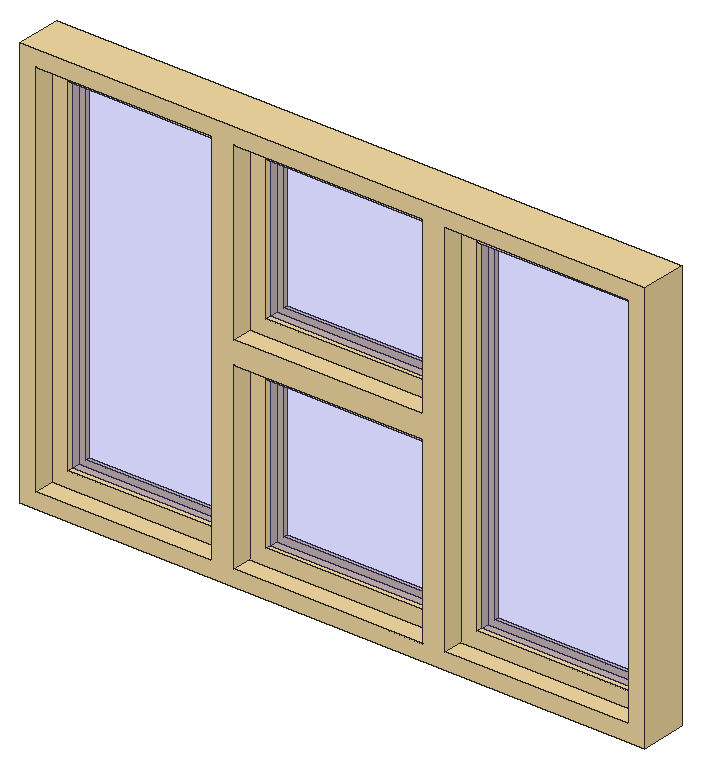
Revit family "5665V-COto 62", category Windows, host Wall, Revit 2016
Family settings
  Host = Wall
  OmniClass Number = 23.30.20.00
  OmniClass Title = Windows
  Always vertical = Yes
  Cut with Voids When Loaded = No
  Shared = No
  Room Calculation Point = No
Parameters (values of type "1788x1188")
  top 4 [instance] = yes
  top 3 [instance] = no
  top 2 [instance] = yes
  top 1 [instance] = no
  right 4 [instance] = no
  right 2 [instance] = no
  right 1 [instance] = no
  right 3 [instance] = yes
  left 4 [instance] = no
  left 3 [instance] = no
  left 2 [instance] = no
  left 1 [instance] = yes
  Sash 4 [instance] = or(top 4, right 4, left 4)  # yes
  Sash 3 [instance] = or(top 3, right 3, left 3)  # yes
  Sash 2 [instance] = or(top 2, right 2, left 2)  # yes
  Sash 1 [instance] = or(top 1, right 1, left 1)  # yes
  Rough Width = Width + 2 * Joint  # 1812 mm
  Rough Height = Height + 2 * Joint  # 1212 mm
  Offset from wall = 40 mm
  Mullion 3 Placement = 594 mm
  Mullion 1 Placement = 596 mm
  Mullion 2 Placement = 1192 mm
  Manufacturer = "www.kronevinduer.dk"
  Joint = 12 mm
  Height = 1188 mm
  Frame 176mm [instance] = no
  Frame 157mm [instance] = no
  Default Sill Height = 800 mm
  Wall Closure = By host
  Width = 1788 mm
Reference planes
  plane 1 "Center (Front/Back)": y = 0
  plane 2 "Center (Left/Right)": x = 0
  plane 3 "Left": x = -894
  plane 4 "Right": x = 894
  plane 5 "Sill": z = 800
  plane 6 "Head": z = 1988
  plane 7 "Exterior": y = 100
  plane 8 "Interior": y = -100
  plane 9: y = 60
  plane 10: x = 882
  plane 11: x = -882
  plane 12: z = 812
  plane 13: z = 1976
  plane 14: x = 286
  plane 15: z = 1394
  plane 16: x = -310
  plane 17: x = 584
  plane 18: x = -12
  plane 19: x = -596
  plane 20: z = 1406
  plane 21: z = 1109
  plane 22: z = 1691
Forms (mm)
  Sweep 1, solid, material "Wood frame"
    path origin (0, 100, 0) x (1, 0, 0) y (0, 0, 1)
      loop
        line (882, 812) -> (882, 1976) -> (-882, 1976) -> (-882, 812) -> (882, 812)
    profile "COto 62 træ-alu,karm- fast glas 45mm : COto 62 træ-alu,karm- fast glas 45mm" origin (0, 100, 812) x (0, 0, -1) y (0, -1, 0)
      loop
        line (0, 170) -> (-45, 170) -> (-45, 99) -> (-27, 99) -> (-27, 51) -> (-45, 51) -> (-45, 40) -> (0, 40) -> (0, 170)
  Sweep 2, solid, material "Wood frame", visible <- "Frame 157mm"
    path origin (0, 100, 0) x (1, 0, 0) y (0, 0, 1)
      loop
        line (882, 812) -> (882, 1976) -> (-882, 1976) -> (-882, 812) -> (882, 812)
    profile "COto 62 træ-alu,karm- fast glas 45mm-157 : COto 62 træ-alu,karm- fast glas 45mm-157" origin (0, 100, 812) x (0, 0, -1) y (0, -1, 0)
      loop
        line (0, 197) -> (-45, 197) -> (-45, 99) -> (-27, 99) -> (-27, 51) -> (-45, 51) -> (-45, 40) -> (0, 40) -> (0, 197)
  Sweep 3, solid, material "Wood frame", visible <- "Frame 176mm"
    path origin (0, 100, 0) x (1, 0, 0) y (0, 0, 1)
      loop
        line (882, 812) -> (882, 1976) -> (-882, 1976) -> (-882, 812) -> (882, 812)
    profile "COto 62 træ-alu,karm- fast glas 45mm-176 : COto 62 træ-alu,karm- fast glas 45mm-176" origin (0, 100, 812) x (0, 0, -1) y (0, -1, 0)
      loop
        line (0, 216) -> (-45, 216) -> (-45, 99) -> (-27, 99) -> (-27, 51) -> (-45, 51) -> (-45, 40) -> (0, 40) -> (0, 216)
  Extrusion 4, solid, material "Glass"
    sketch origin (-894, 0, 0) x (0, -1, 0) y (0, 0, 1)
      loop
        line (-49, 839) -> (-1, 839) -> (-1, 1949) -> (-49, 1949) -> (-49, 839)
    from -1749 to -39
  Sweep 5, solid, material "Wood frame"
    path origin (0, 100, 0) x (1, 0, 0) y (0, 0, 1)
      loop
        line (286, 1976) -> (286, 812)
    profile "COto 62 træ-alu, Post-fast glas 63 mm : COto 62 træ-alu, Post-fast glas 63 mm" origin (286, 100, 1394) x (1, 0, 0) y (0, -1, 0)
      loop
        line (31.5, 170) -> (-31.5, 170) -> (-31.5, 99) -> (-13.5, 99) -> (-13.5, 51) -> (-31.5, 51) -> (-31.5, 40) -> (31.5, 40) -> (31.5, 51) -> (13.5, 51) -> (13.5, 99) -> (31.5, 99) -> (31.5, 170)
  Sweep 6, solid, material "Wood frame"
    path origin (0, 100, 0) x (1, 0, 0) y (0, 0, 1)
      loop
        line (-310, 812) -> (-310, 1976)
    profile "COto 62 træ-alu, Post-fast glas 63 mm : COto 62 træ-alu, Post-fast glas 63 mm" origin (-310, 100, 1394) x (-1, 0, 0) y (0, -1, 0)
      loop
        line (31.5, 170) -> (-31.5, 170) -> (-31.5, 99) -> (-13.5, 99) -> (-13.5, 51) -> (-31.5, 51) -> (-31.5, 40) -> (31.5, 40) -> (31.5, 51) -> (13.5, 51) -> (13.5, 99) -> (31.5, 99) -> (31.5, 170)
  Sweep 7, solid, material "Wood frame", visible <- "Frame 157mm"
    path origin (0, 100, 0) x (1, 0, 0) y (0, 0, 1)
      loop
        line (286, 1976) -> (286, 812)
    profile "COto 62 træ-alu, Post-fast glas 63 mm-157 : COto 62 træ-alu, Post-fast glas 63 mm-157" origin (286, 100, 1394) x (1, 0, 0) y (0, -1, 0)
      loop
        line (31.5, 197) -> (-31.5, 197) -> (-31.5, 99) -> (-13.5, 99) -> (-13.5, 51) -> (-31.5, 51) -> (-31.5, 40) -> (31.5, 40) -> (31.5, 51) -> (13.5, 51) -> (13.5, 99) -> (31.5, 99) -> (31.5, 197)
  Sweep 8, solid, material "Wood frame", visible <- "Frame 157mm"
    path origin (0, 100, 0) x (1, 0, 0) y (0, 0, 1)
      loop
        line (-310, 812) -> (-310, 1976)
    profile "COto 62 træ-alu, Post-fast glas 63 mm-157 : COto 62 træ-alu, Post-fast glas 63 mm-157" origin (-310, 100, 1394) x (-1, 0, 0) y (0, -1, 0)
      loop
        line (31.5, 197) -> (-31.5, 197) -> (-31.5, 99) -> (-13.5, 99) -> (-13.5, 51) -> (-31.5, 51) -> (-31.5, 40) -> (31.5, 40) -> (31.5, 51) -> (13.5, 51) -> (13.5, 99) -> (31.5, 99) -> (31.5, 197)
  Sweep 9, solid, material "Wood frame", visible <- "Frame 176mm"
    path origin (0, 100, 0) x (1, 0, 0) y (0, 0, 1)
      loop
        line (286, 812) -> (286, 1976)
    profile "COto 62 træ-alu, Post-fast glas 63 mm-176 : COto 62 træ-alu, Post-fast glas 63 mm-176" origin (286, 100, 1394) x (-1, 0, 0) y (0, -1, 0)
      loop
        line (31.5, 216) -> (-31.5, 216) -> (-31.5, 99) -> (-13.5, 99) -> (-13.5, 51) -> (-31.5, 51) -> (-31.5, 40) -> (31.5, 40) -> (31.5, 51) -> (13.5, 51) -> (13.5, 99) -> (31.5, 99) -> (31.5, 216)
  Sweep 10, solid, material "Wood frame", visible <- "Frame 176mm"
    path origin (0, 100, 0) x (1, 0, 0) y (0, 0, 1)
      loop
        line (-310, 812) -> (-310, 1976)
    profile "COto 62 træ-alu, Post-fast glas 63 mm-176 : COto 62 træ-alu, Post-fast glas 63 mm-176" origin (-310, 100, 1394) x (-1, 0, 0) y (0, -1, 0)
      loop
        line (31.5, 216) -> (-31.5, 216) -> (-31.5, 99) -> (-13.5, 99) -> (-13.5, 51) -> (-31.5, 51) -> (-31.5, 40) -> (31.5, 40) -> (31.5, 51) -> (13.5, 51) -> (13.5, 99) -> (31.5, 99) -> (31.5, 216)
  Sweep 11, solid, material "Wood frame", visible <- "Sash 1"
    path origin (0, 100, 0) x (1, 0, 0) y (0, 0, 1)
      loop
        line (855, 839) -> (855, 1949) -> (299.5, 1949) -> (299.5, 839) -> (855, 839)
    profile "COto 62 træ-alu,opluk-ramme : COto 62 træ-alu,opluk-ramme" origin (577.25, 100, 839) x (0, 0, -1) y (0, -1, 0)
      loop
        line (0, 99) -> (-18, 99) -> (-18, 114) -> (-63, 114) -> (-63, 99) -> (-45, 99) -> (-45, 51) -> (-63, 51) -> (-63, 40) -> (0, 40) -> (0, 99)
  Sweep 12, solid, material "Wood frame", visible <- "Sash 3"
    path origin (0, 100, 0) x (1, 0, 0) y (0, 0, 1)
      loop
        line (-323.5, 839) -> (-323.5, 1949) -> (-855, 1949) -> (-855, 839) -> (-323.5, 839)
    profile "COto 62 træ-alu,opluk-ramme : COto 62 træ-alu,opluk-ramme" origin (-589.25, 100, 839) x (0, 0, -1) y (0, -1, 0)
      loop
        line (0, 99) -> (-18, 99) -> (-18, 114) -> (-63, 114) -> (-63, 99) -> (-45, 99) -> (-45, 51) -> (-63, 51) -> (-63, 40) -> (0, 40) -> (0, 99)
  Sweep 13, solid, material "Wood frame"
    path origin (0, 100, 0) x (1, 0, 0) y (0, 0, 1)
      loop
        line (286, 1406) -> (-310, 1406)
    profile "COto 62 træ-alu, Post-fast glas 63 mm : COto 62 træ-alu, Post-fast glas 63 mm" origin (-12, 100, 1406) x (0, 0, -1) y (0, -1, 0)
      loop
        line (31.5, 170) -> (-31.5, 170) -> (-31.5, 99) -> (-13.5, 99) -> (-13.5, 51) -> (-31.5, 51) -> (-31.5, 40) -> (31.5, 40) -> (31.5, 51) -> (13.5, 51) -> (13.5, 99) -> (31.5, 99) -> (31.5, 170)
  Sweep 14, solid, material "Wood frame", visible <- "Frame 157mm"
    path origin (0, 100, 0) x (1, 0, 0) y (0, 0, 1)
      loop
        line (286, 1406) -> (-310, 1406)
    profile "COto 62 træ-alu, Post-fast glas 63 mm-157 : COto 62 træ-alu, Post-fast glas 63 mm-157" origin (-12, 100, 1406) x (0, 0, -1) y (0, -1, 0)
      loop
        line (31.5, 197) -> (-31.5, 197) -> (-31.5, 99) -> (-13.5, 99) -> (-13.5, 51) -> (-31.5, 51) -> (-31.5, 40) -> (31.5, 40) -> (31.5, 51) -> (13.5, 51) -> (13.5, 99) -> (31.5, 99) -> (31.5, 197)
  Sweep 15, solid, material "Wood frame", visible <- "Frame 176mm"
    path origin (0, 100, 0) x (1, 0, 0) y (0, 0, 1)
      loop
        line (286, 1406) -> (-310, 1406)
    profile "COto 62 træ-alu, Post-fast glas 63 mm-176 : COto 62 træ-alu, Post-fast glas 63 mm-176" origin (-12, 100, 1406) x (0, 0, -1) y (0, -1, 0)
      loop
        line (31.5, 216) -> (-31.5, 216) -> (-31.5, 99) -> (-13.5, 99) -> (-13.5, 51) -> (-31.5, 51) -> (-31.5, 40) -> (31.5, 40) -> (31.5, 51) -> (13.5, 51) -> (13.5, 99) -> (31.5, 99) -> (31.5, 216)
  Sweep 16, solid, material "Wood frame", visible <- "Sash 2"
    path origin (0, 100, 0) x (1, 0, 0) y (0, 0, 1)
      loop
        line (272.5, 839) -> (272.5, 1392.5) -> (-296.5, 1392.5) -> (-296.5, 839) -> (272.5, 839)
    profile "COto 62 træ-alu,opluk-ramme : COto 62 træ-alu,opluk-ramme" origin (-12, 100, 839) x (0, 0, -1) y (0, -1, 0)
      loop
        line (0, 99) -> (-18, 99) -> (-18, 114) -> (-63, 114) -> (-63, 99) -> (-45, 99) -> (-45, 51) -> (-63, 51) -> (-63, 40) -> (0, 40) -> (0, 99)
  Sweep 17, solid, material "Wood frame"
    path origin (0, 100, 0) x (1, 0, 0) y (0, 0, 1)
      loop
        line (272.5, 1419.5) -> (272.5, 1949) -> (-296.5, 1949) -> (-296.5, 1419.5) -> (272.5, 1419.5)
    profile "COto 62 træ-alu,opluk-ramme : COto 62 træ-alu,opluk-ramme" origin (-12, 100, 1419.5) x (0, 0, -1) y (0, -1, 0)
      loop
        line (0, 99) -> (-18, 99) -> (-18, 114) -> (-63, 114) -> (-63, 99) -> (-45, 99) -> (-45, 51) -> (-63, 51) -> (-63, 40) -> (0, 40) -> (0, 99)
Cuts and joins
  joined: Sweep 1, Sweep 5, Sweep 6, Sweep 13
  joined: Sweep 2, Sweep 7, Sweep 8, Sweep 14
  joined: Sweep 3, Sweep 9, Sweep 10, Sweep 15
Lines and regions (mm)
  Opening 1
    outline origin (3500, -100, 0) x (1, 0, 0) y (0, 0, 1)
      loop
        line (-2606, 800) -> (-2606, 1988) -> (-4394, 1988) -> (-4394, 800) -> (-2606, 800)
  symbolic lines
    curve 1: line (855, 100, 1949) -> (855, 100, 1838)
  symbolic lines, visible <- "top 1"
    curve 2: line (855, 100, 1949) -> (584, 100, 839)
    curve 3: line (584, 100, 839) -> (299.5, 100, 1949)
  symbolic lines, visible <- "top 3"
    curve 4: line (-323.5, 100, 1949) -> (-596, 100, 839)
    curve 5: line (-596, 100, 839) -> (-855, 100, 1949)
  symbolic lines, visible <- "left 1"
    curve 6: line (855, 100, 1949) -> (299.5, 100, 1394)
    curve 7: line (299.5, 100, 1394) -> (855, 100, 839)
  symbolic lines, visible <- "right 1"
    curve 8: line (299.5, 100, 1949) -> (855, 100, 1394)
    curve 9: line (855, 100, 1394) -> (299.5, 100, 839)
  symbolic lines, visible <- "left 3"
    curve 10: line (-323.5, 100, 1949) -> (-855, 100, 1394)
    curve 11: line (-855, 100, 1394) -> (-323.5, 100, 839)
  symbolic lines, visible <- "right 3"
    curve 12: line (-855, 100, 1949) -> (-323.5, 100, 1394)
    curve 13: line (-323.5, 100, 1394) -> (-855, 100, 839)
  symbolic lines, visible <- "top 4"
    curve 14: line (272.5, 100, 1949) -> (-12, 100, 1419.5)
    curve 15: line (-12, 100, 1419.5) -> (-296.5, 100, 1949)
  symbolic lines, visible <- "left 4"
    curve 16: line (272.5, 100, 1949) -> (-296.5, 100, 1691)
    curve 17: line (-296.5, 100, 1691) -> (272.5, 100, 1419.5)
  symbolic lines, visible <- "right 4"
    curve 18: line (-296.5, 100, 1949) -> (272.5, 100, 1691)
    curve 19: line (272.5, 100, 1691) -> (-296.5, 100, 1419.5)
  symbolic lines, visible <- "top 2"
    curve 20: line (272.5, 100, 1392.5) -> (-12, 100, 839)
    curve 21: line (-12, 100, 839) -> (-296.5, 100, 1392.5)
  symbolic lines, visible <- "right 2"
    curve 22: line (-296.5, 100, 1392.5) -> (272.5, 100, 1109)
    curve 23: line (272.5, 100, 1109) -> (-296.5, 100, 839)
  symbolic lines, visible <- "left 2"
    curve 24: line (272.5, 100, 1392.5) -> (-296.5, 100, 1109)
    curve 25: line (-296.5, 100, 1109) -> (272.5, 100, 839)
Text (mm)
  text "EXTERIOR" at (-1963.203, 1332.353, 0), in view "Ref. Level"
  text "INTERIOR" at (-1981.466, -818.386, 0), in view "Ref. Level"
  text "Exterior" at (0, 923.751, 2943.296), in view "Right"
  text "Exterior" at (0, 1040.484, 2685.409), in view "Left"
Dimensions and locks
  equal spacing: plane 3 "Left", plane 2 "Center (Left/Right)", plane 4 "Right"
  "Width": plane 3 "Left" to plane 4 "Right"
  "Height": plane 5 "Sill" to plane 6 "Head"
  "Default Sill Height": plane 5 "Sill" to level
  locked: plane 7 "Exterior" to host wall at 0
  locked: plane 8 "Interior" to host wall
  "Joint": plane 13 to plane 6 "Head"
  "Joint": plane 5 "Sill" to plane 12
  "Joint": plane 3 "Left" to plane 11
  "Joint": plane 10 to plane 4 "Right"
  "Offset from wall": plane 9 to plane 7 "Exterior"
  "Mullion 1 Placement": plane 14 to plane 10
  plane 14 to plane 10 = 596 mm
  equal spacing: plane 12, plane 15, plane 13
  equal spacing: plane 14, plane 17, plane 10
  equal spacing: plane 16, plane 18, plane 14
  equal spacing: plane 11, plane 19, plane 16
  "Mullion 2 Placement": plane 16 to plane 10
  "Mullion 3 Placement": plane 12 to plane 20
  equal spacing: plane 20, plane 22, plane 13
  equal spacing: plane 12, plane 21, plane 20
  aligned and locked: plane 12 to Sweep 1 sketch curve
  aligned and locked: plane 10 to Sweep 1 sketch curve
  aligned and locked: Sweep 1 sketch curve to plane 13
  aligned and locked: Sweep 1 sketch curve to plane 11
  aligned and locked: Extrusion 4 sketch curve to Sweep 1  (x2)
  aligned and locked: Extrusion 4 to Sweep 1  (x4)
  aligned and locked: Sweep 11 sketch curve to Extrusion 4  (x2)
  aligned and locked: cut or joined group of Sweep 1, Sweep 5, Sweep 6, Sweep 13 to Sweep 11 sketch curve
  aligned and locked: Sweep 11 sketch curve to cut or joined group of Sweep 1, Sweep 5, Sweep 6, Sweep 13
  aligned and locked: cut or joined group of Sweep 1, Sweep 5, Sweep 6, Sweep 13 to Sweep 12 sketch curve
  aligned and locked: Sweep 12 sketch curve to cut or joined group of Sweep 1, Sweep 5, Sweep 6, Sweep 13
  aligned and locked: Sweep 12 sketch curve to Extrusion 4  (x2)
  aligned and locked: cut or joined group of Sweep 1, Sweep 5, Sweep 6, Sweep 13 to Sweep 16 sketch curve  (x2)
  aligned and locked: Sweep 16 sketch curve to cut or joined group of Sweep 1, Sweep 5, Sweep 6, Sweep 13  (x2)
  aligned and locked: Sweep 17 sketch curve to cut or joined group of Sweep 1, Sweep 5, Sweep 6, Sweep 13  (x2)
  aligned and locked: cut or joined group of Sweep 1, Sweep 5, Sweep 6, Sweep 13 to Sweep 17 sketch curve  (x2)
Automatic sketch dimensions
  Opening 1 sketch curve to plane 3 "Left" = 0 mm
  Opening 1 sketch curve to plane 4 "Right" = 0 mm
  Opening 1 sketch curve to plane 5 "Sill" = 0 mm
  Opening 1 sketch curve to plane 6 "Head" = 0 mm
  plane 11 to Sweep 2 sketch curve = 0 mm
  plane 10 to Sweep 2 sketch curve = 0 mm
  Sweep 2 sketch curve to plane 12 = 0 mm
  Sweep 2 sketch curve to plane 13 = 0 mm
  plane 11 to Sweep 3 sketch curve = 0 mm
  plane 10 to Sweep 3 sketch curve = 0 mm
  Sweep 3 sketch curve to plane 12 = 0 mm
  Sweep 3 sketch curve to plane 13 = 0 mm
  Extrusion 4 sketch curve to plane 5 "Sill" = 39 mm
  plane 6 "Head" to Extrusion 4 sketch curve = 39 mm
  Sweep 5 sketch curve to plane 12 = 0 mm
  plane 14 to Sweep 5 sketch curve = 0 mm
  Sweep 5 sketch curve to plane 13 = 0 mm
  Sweep 6 sketch curve to plane 13 = 0 mm
  plane 16 to Sweep 6 sketch curve = 0 mm
  Sweep 6 sketch curve to plane 12 = 0 mm
  Sweep 7 sketch curve to plane 12 = 0 mm
  plane 14 to Sweep 7 sketch curve = 0 mm
  Sweep 7 sketch curve to plane 13 = 0 mm
  Sweep 8 sketch curve to plane 13 = 0 mm
  plane 16 to Sweep 8 sketch curve = 0 mm
  Sweep 8 sketch curve to plane 12 = 0 mm
  Sweep 9 sketch curve to plane 13 = 0 mm
  plane 14 to Sweep 9 sketch curve = 0 mm
  Sweep 9 sketch curve to plane 12 = 0 mm
  Sweep 10 sketch curve to plane 13 = 0 mm
  plane 16 to Sweep 10 sketch curve = 0 mm
  Sweep 10 sketch curve to plane 12 = 0 mm
  plane 16 to Sweep 13 sketch curve = 0 mm
  plane 14 to Sweep 13 sketch curve = 0 mm
  Sweep 13 sketch curve to plane 20 = 0 mm
  plane 16 to Sweep 14 sketch curve = 0 mm
  plane 14 to Sweep 14 sketch curve = 0 mm
  Sweep 14 sketch curve to plane 20 = 0 mm
  plane 16 to Sweep 15 sketch curve = 0 mm
  plane 14 to Sweep 15 sketch curve = 0 mm
  Sweep 15 sketch curve to plane 20 = 0 mm
  curve 11 to plane 15 = 0 mm
  curve 4 to plane 19 = 0 mm
  curve 12 to plane 15 = 0 mm
  curve 16 to plane 22 = 0 mm
  curve 25 to plane 21 = 0 mm
  curve 20 to plane 18 = 0 mm
  curve 14 to plane 18 = 0 mm
  curve 22 to plane 21 = 0 mm
  curve 19 to plane 22 = 0 mm
  curve 6 to plane 15 = 0 mm
  curve 3 to plane 17 = 0 mm
  curve 9 to plane 15 = 0 mm
  curve 12 to plane 11 = 27 mm
  curve 10 to plane 11 = 27 mm
  plane 16 to curve 4 = 13.5 mm
  plane 16 to curve 12 = 13.5 mm
  curve 21 to plane 16 = 13.5 mm
  curve 15 to plane 16 = 13.5 mm
  curve 16 to plane 16 = 13.5 mm
  plane 14 to curve 14 = 13.5 mm
  plane 14 to curve 20 = 13.5 mm
  plane 14 to curve 22 = 13.5 mm
  plane 14 to curve 19 = 13.5 mm
  curve 3 to plane 14 = 13.5 mm
  curve 6 to plane 14 = 13.5 mm
  plane 10 to curve 9 = 27 mm
  plane 10 to curve 6 = 27 mm
  plane 12 to curve 5 = 27 mm
  plane 12 to curve 20 = 27 mm
  plane 12 to curve 3 = 27 mm
  curve 20 to plane 20 = 13.5 mm
  curve 21 to plane 20 = 13.5 mm
  plane 20 to curve 14 = 13.5 mm
  curve 16 to plane 13 = 27 mm
  curve 15 to plane 13 = 27 mm
  curve 3 to curve 14 = 0 mm
  curve 2 to plane 13 = 27 mm
  curve 4 to curve 15 = 0 mm
  curve 12 to plane 13 = 27 mm
  curve 13 to plane 11 = 27 mm
  plane 16 to curve 11 = 13.5 mm
  curve 23 to plane 16 = 13.5 mm
  curve 19 to plane 16 = 13.5 mm
  curve 24 to plane 16 = 13.5 mm
  plane 14 to curve 25 = 13.5 mm
  plane 14 to curve 17 = 13.5 mm
  curve 9 to plane 14 = 13.5 mm
  plane 10 to curve 7 = 27 mm
  plane 12 to curve 7 = 27 mm
  plane 12 to curve 9 = 27 mm
  plane 12 to curve 11 = 27 mm
  curve 25 to curve 9 = 0 mm
  plane 12 to curve 23 = 27 mm
  plane 12 to curve 13 = 27 mm
  plane 20 to curve 17 = 13.5 mm
  plane 20 to curve 19 = 13.5 mm
  curve 1 to curve 1 = 111 mm
